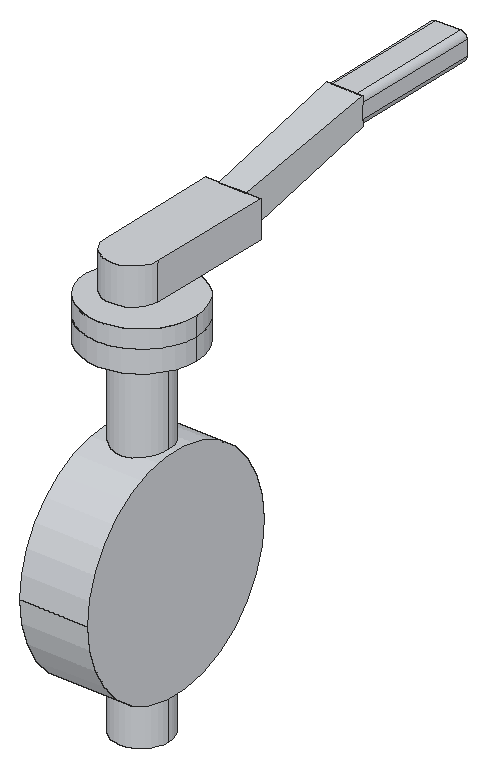
Revit family "HS497-67_disk-litina-s pákou DN125-RFA_2018", category Pipe Accessories, Revit 2018
Family settings
  Round Connector Dimension = Use Diameter
  Part Type = Valve - Breaks Into
  Work Plane-Based = No
  Always vertical = Yes
  Cut with Voids When Loaded = No
  Shared = No
Parameters (values of type "HS 497-67_DN125_PN16_s pákou")
  magiProductId = "105993c79a91492399feef7931321a"
  magiProductFamilyId = "53cea81e6f374d17b8841d9c72ad77"
  magiPartTypeId = 305
  isMeasuringValve [instance] = no
  ang2D [instance] = 0.00°
  X11 = 61.456 mm
  X1 = 25.456 mm
  W2D = 1000 mm
  VersionID = "2.0/2017.9.26.1/ZETKAMA_497_001"
  Use Minimum Symbol Size [instance] = yes
  URL = "http://www.hydronix.cz"
  Type Comments = "mezipřírubová; litinový disk; PN16; -10~+110°C (krátkodobě +120°C)"
  SW30 = no
  SW3 = no
  SW21 = no
  SW20 = yes
  SW2 = yes
  SW1 = no
  R = 62.5 mm
  QmdConnectorList = "301;D;302;D"
  Productdata [instance] = ""
  NC = 50 mm
  Model = ""
  Manufacturer = "Hydronix"  # constant formula
  MM20 = 25.456 mm
  MC Product Code = "120 125 (litinový disk, s pákou; DN125; PN16, kvs872)"
  M41 = 66 mm
  M4 = 44 mm
  LHL = 315 mm
  LHH3 = 3.75 mm
  LHH1 = 71.25 mm
  LH1 = 105 mm
  L4R__ve = -L4R  # -12.8 mm
  L4R = 12.8 mm
  L42__ve = -L42  # -96 mm
  L42 = 96 mm
  L41__ve = -L41  # -19.2 mm
  L41 = 19.2 mm
  L2D_Min = 3048 mm
  L2D = 216 mm
  L2 = 28 mm
  L1 = 44.8 mm
  L = 56 mm
  H = 33 mm
  G22 = 11.25 mm
  G2 = 22.5 mm
  G1 = 90 mm
  G = 90 mm
  F = 14 mm
  E44 = 31.25 mm
  E42 = 62.5 mm
  E4 = 125 mm
  E23 = 7.5 mm
  E22 = 30 mm
  E21 = 15 mm
  Description = "Mezipřírubová uzavírací klapka s pákou; litinový disk, DN125; PN16; kvs872"
  DR2 = 62.5 mm
  DR = 180 mm
  DD1 = 15.625 mm
  DD = 12.5 mm
  D = 125 mm
  CAT0 = yes
  B2__ve = -B2  # -64 mm
  B2 = 64 mm
  A2 = 18 mm
  A1 = 99.5 mm
Types (43, lengths in mm): name | magiProductId | X11 | X1 | Type Comments | SW30 | SW3 | SW20 | SW2 | SW1 | R | NC | MM20 | MC Product Code | M41 | M4 | LHL | LHH3 | LHH1 | LH1 | L4R__ve | L4R | L42__ve | L42 | L41__ve | L41 | L2 | L1 | L | H | G | F | E44 | E42 | E4 | E23 | E22 | E21 | Description | DR2 | DR | DD1 | DD | D | B2__ve | B2 | A2 | A1
  HS 497-67_DN100_PN16_volné vřeteno | "65d1b245f4f142c78569c0602d5754" | 61.456 | 25.456 | "mezipřírubová; litinový disk; PN16; -10~+110°C (krátkodobě +120°C)" | no | no | no | no | yes | 50 | 50 | 25.456 | "123 100 (litinový disk, s volným vřetenem; DN100; PN16, kvs512)" | 66 | 44 | 220 | 2.45 | 46.55 | 73.333 | -12.8 | 12.8 | -96 | 96 | -19.2 | 19.2 | 26 | 41.6 | 52 | 30 | 90 | 11 | 31.25 | 62.5 | 125 | 4.9 | 19.6 | 9.8 | "Mezipřírubová uzavírací klapka s volným vřetenem; litinový disk, DN100; PN16; kvs512" | 50 | 147 | 15.625 | 12.5 | 100 | -56 | 56 | 16.5 | 98.5
  HS 497-67_DN100_PN16_převodové kolo | "11e91b807e674d428c8e796fcdcfe2" | 61.456 | 25.456 | "mezipřírubová; litinový disk; PN16; -10~+110°C (krátkodobě +120°C)" | yes | yes | no | no | no | 50 | 50 | 25.456 | "125 100 (litinový disk, s převodovým kolem; DN100; PN16, kvs512)" | 65.25 | 43.5 | 220 | 2.45 | 46.55 | 73.333 | -12.8 | 12.8 | -96 | 96 | -19.2 | 19.2 | 26 | 41.6 | 52 | 30 | 90 | 11 | 31.25 | 62.5 | 125 | 4.9 | 19.6 | 9.8 | "Mezipřírubová uzavírací klapka s převodovým kolem; litinový disk, DN100; PN16; kvs512" | 50 | 147 | 15.625 | 12.5 | 100 | -56 | 56 | 16.5 | 98.5
  HS 497-67_DN100_PN16_s pákou | "28172f0b3f4b47b28323ac71cf8749" | 61.456 | 25.456 | "mezipřírubová; litinový disk; PN16; -10~+110°C (krátkodobě +120°C)" | no | no | yes | yes | no | 50 | 50 | 25.456 | "120 100 (litinový disk, s pákou; DN100; PN16, kvs512)" | 66 | 44 | 260 | 3 | 57 | 86.667 | -12.8 | 12.8 | -96 | 96 | -19.2 | 19.2 | 26 | 41.6 | 52 | 30 | 90 | 11 | 31.25 | 62.5 | 125 | 6 | 24 | 12 | "Mezipřírubová uzavírací klapka s pákou; litinový disk, DN100; PN16; kvs512" | 50 | 147 | 15.625 | 12.5 | 100 | -56 | 56 | 16.5 | 98.5
  HS 497-67_DN125_PN16_volné vřeteno | "0d813d910fc14f628bb3c2efbd185c" | 61.456 | 25.456 | "mezipřírubová; litinový disk; PN16; -10~+110°C (krátkodobě +120°C)" | no | no | no | no | yes | 62.5 | 50 | 25.456 | "123 125 (litinový disk, s volným vřetenem; DN125; PN16, kvs872)" | 66 | 44 | 220 | 2.45 | 46.55 | 73.333 | -12.8 | 12.8 | -96 | 96 | -19.2 | 19.2 | 28 | 44.8 | 56 | 33 | 90 | 14 | 31.25 | 62.5 | 125 | 4.9 | 19.6 | 9.8 | "Mezipřírubová uzavírací klapka s volným vřetenem; litinový disk, DN125; PN16; kvs872" | 62.5 | 180 | 15.625 | 12.5 | 125 | -64 | 64 | 18 | 99.5
  HS 497-67_DN125_PN16_převodové kolo | "c56b7c13f372467684996fb1e0e229" | 61.456 | 25.456 | "mezipřírubová; litinový disk; PN16; -10~+110°C (krátkodobě +120°C)" | yes | yes | no | no | no | 62.5 | 50 | 25.456 | "125 125 (litinový disk, s převodovým kolem; DN125; PN16, kvs872)" | 65.25 | 43.5 | 220 | 2.45 | 46.55 | 73.333 | -13.5 | 13.5 | -101.25 | 101.25 | -20.25 | 20.25 | 28 | 44.8 | 56 | 33 | 90 | 14 | 40 | 80 | 160 | 4.9 | 19.6 | 9.8 | "Mezipřírubová uzavírací klapka s převodovým kolem; litinový disk, DN125; PN16; kvs872" | 62.5 | 180 | 20 | 16 | 125 | -64 | 64 | 18 | 99.5
  HS 497-67_DN125_PN16_s pákou | "105993c79a91492399feef7931321a" | 61.456 | 25.456 | "mezipřírubová; litinový disk; PN16; -10~+110°C (krátkodobě +120°C)" | no | no | yes | yes | no | 62.5 | 50 | 25.456 | "120 125 (litinový disk, s pákou; DN125; PN16, kvs872)" | 66 | 44 | 315 | 3.75 | 71.25 | 105 | -12.8 | 12.8 | -96 | 96 | -19.2 | 19.2 | 28 | 44.8 | 56 | 33 | 90 | 14 | 31.25 | 62.5 | 125 | 7.5 | 30 | 15 | "Mezipřírubová uzavírací klapka s pákou; litinový disk, DN125; PN16; kvs872" | 62.5 | 180 | 15.625 | 12.5 | 125 | -64 | 64 | 18 | 99.5
  HS 497-67_DN150_PN16_volné vřeteno | "50c80cb8ab434f55ab7796e5ac1331" | 61.456 | 25.456 | "mezipřírubová; litinový disk; PN16; -10~+110°C (krátkodobě +120°C)" | no | no | no | no | yes | 75 | 50 | 25.456 | "123 150 (litinový disk, s volným vřetenem; DN150; PN16, kvs1347)" | 66 | 44 | 220 | 2.45 | 46.55 | 73.333 | -12.8 | 12.8 | -96 | 96 | -19.2 | 19.2 | 28 | 44.8 | 56 | 33 | 90 | 14 | 31.25 | 62.5 | 125 | 4.9 | 19.6 | 9.8 | "Mezipřírubová uzavírací klapka s volným vřetenem; litinový disk, DN150; PN16; kvs1347" | 75 | 206 | 15.625 | 12.5 | 150 | -58 | 58 | 19.3 | 98.7
  HS 497-67_DN150_PN16_převodové kolo | "d94a1a0cf83b476eb10011b327f709" | 61.456 | 25.456 | "mezipřírubová; litinový disk; PN16; -10~+110°C (krátkodobě +120°C)" | yes | yes | no | no | no | 75 | 50 | 25.456 | "125 150 (litinový disk, s převodovým kolem; DN150; PN16, kvs1347)" | 65.25 | 43.5 | 220 | 2.45 | 46.55 | 73.333 | -13.5 | 13.5 | -101.25 | 101.25 | -20.25 | 20.25 | 28 | 44.8 | 56 | 33 | 90 | 14 | 40 | 80 | 160 | 4.9 | 19.6 | 9.8 | "Mezipřírubová uzavírací klapka s převodovým kolem; litinový disk, DN150; PN16; kvs1347" | 75 | 206 | 20 | 16 | 150 | -58 | 58 | 19.3 | 98.7
  HS 497-67_DN150_PN16_s pákou | "4d2835523fe84828bc50ff0a5a0dfb" | 61.456 | 25.456 | "mezipřírubová; litinový disk; PN16; -10~+110°C (krátkodobě +120°C)" | no | no | yes | yes | no | 75 | 50 | 25.456 | "120 150 (litinový disk, s pákou; DN150; PN16, kvs1347)" | 66 | 44 | 315 | 3.75 | 71.25 | 105 | -12.8 | 12.8 | -96 | 96 | -19.2 | 19.2 | 28 | 44.8 | 56 | 33 | 90 | 14 | 31.25 | 62.5 | 125 | 7.5 | 30 | 15 | "Mezipřírubová uzavírací klapka s pákou; litinový disk, DN150; PN16; kvs1347" | 75 | 206 | 15.625 | 12.5 | 150 | -58 | 58 | 19.3 | 98.7
  HS 497-67_DN200_PN16_volné vřeteno | "5b29029eaeba47139ee1055a4b9201" | 61.456 | 25.456 | "mezipřírubová; litinový disk; PN16; -10~+110°C (krátkodobě +120°C)" | no | no | no | no | yes | 100 | 50 | 25.456 | "123 200 (litinový disk, s volným vřetenem; DN200; PN16, kvs2675)" | 66 | 44 | 220 | 2.45 | 46.55 | 73.333 | -12.8 | 12.8 | -96 | 96 | -19.2 | 19.2 | 30 | 48 | 60 | 33 | 90 | 17 | 31.25 | 62.5 | 125 | 4.9 | 19.6 | 9.8 | "Mezipřírubová uzavírací klapka s volným vřetenem; litinový disk, DN200; PN16; kvs2675" | 100 | 257 | 15.625 | 12.5 | 200 | -70 | 70 | 22.5 | 102.5
  HS 497-67_DN200_PN16_převodové kolo | "b2793cc1fcc44cf2a35062cd67c04f" | 61.456 | 25.456 | "mezipřírubová; litinový disk; PN16; -10~+110°C (krátkodobě +120°C)" | yes | yes | no | no | no | 100 | 57 | 25.456 | "125 200 (litinový disk, s převodovým kolem; DN200; PN16, kvs2675)" | 78.75 | 52.5 | 220 | 2.45 | 46.55 | 73.333 | -15.2 | 15.2 | -114 | 114 | -22.8 | 22.8 | 30 | 48 | 60 | 33 | 90 | 17 | 50 | 100 | 200 | 4.9 | 19.6 | 9.8 | "Mezipřírubová uzavírací klapka s převodovým kolem; litinový disk, DN200; PN16; kvs2675" | 100 | 257 | 25 | 20 | 200 | -70 | 70 | 22.5 | 102.5
  HS 497-67_DN200_PN16_s pákou | "f88d96c7af224537a51e72d7d8fffe" | 61.456 | 25.456 | "mezipřírubová; litinový disk; PN16; -10~+110°C (krátkodobě +120°C)" | no | no | yes | yes | no | 100 | 50 | 25.456 | "120 200 (litinový disk, s pákou; DN200; PN16, kvs2675)" | 66 | 44 | 315 | 3.75 | 71.25 | 105 | -12.8 | 12.8 | -96 | 96 | -19.2 | 19.2 | 30 | 48 | 60 | 33 | 90 | 17 | 31.25 | 62.5 | 125 | 7.5 | 30 | 15 | "Mezipřírubová uzavírací klapka s pákou; litinový disk, DN200; PN16; kvs2675" | 100 | 257 | 15.625 | 12.5 | 200 | -70 | 70 | 22.5 | 102.5
  HS 497-67_DN250_PN16_volné vřeteno | "b662e8305ca2402b9c510e66e6aa55" | 88.77 | 36.77 | "mezipřírubová; litinový disk; PN16; -10~+110°C (krátkodobě +120°C)" | no | no | no | no | yes | 125 | 50 | 36.77 | "123 250 (litinový disk, s volným vřetenem; DN250; PN16, kvs4555)" | 66 | 44 | 220 | 2.45 | 46.55 | 73.333 | -12.8 | 12.8 | -96 | 96 | -19.2 | 19.2 | 34 | 54.4 | 68 | 23 | 130 | 22 | 31.25 | 62.5 | 125 | 4.9 | 19.6 | 9.8 | "Mezipřírubová uzavírací klapka s volným vřetenem; litinový disk, DN250; PN16; kvs4555" | 125 | 324 | 15.625 | 12.5 | 250 | -85 | 85 | 28.25 | 129.25
  HS 497-67_DN250_PN16_převodové kolo | "5ee9016806664ddfaa2632711f295c" | 88.77 | 36.77 | "mezipřírubová; litinový disk; PN16; -10~+110°C (krátkodobě +120°C)" | yes | yes | no | no | no | 125 | 70 | 36.77 | "125 250 (litinový disk, s převodovým kolem; DN250; PN16, kvs4555)" | 91.5 | 61 | 220 | 2.45 | 46.55 | 73.333 | -22.2 | 22.2 | -166.5 | 166.5 | -33.3 | 33.3 | 34 | 54.4 | 68 | 23 | 130 | 22 | 62.5 | 125 | 250 | 4.9 | 19.6 | 9.8 | "Mezipřírubová uzavírací klapka s převodovým kolem; litinový disk, DN250; PN16; kvs4555" | 125 | 324 | 31.25 | 25 | 250 | -85 | 85 | 28.25 | 129.25
  HS 497-67_DN300_PN16_volné vřeteno | "e1886f51ff004380a649519258edf2" | 88.77 | 36.77 | "mezipřírubová; litinový disk; PN16; -10~+110°C (krátkodobě +120°C)" | no | no | no | no | yes | 150 | 50 | 36.77 | "123 300 (litinový disk, s volným vřetenem; DN300; PN16, kvs7037)" | 66 | 44 | 220 | 2.45 | 46.55 | 73.333 | -12.8 | 12.8 | -96 | 96 | -19.2 | 19.2 | 39 | 62.4 | 78 | 23 | 130 | 22 | 31.25 | 62.5 | 125 | 4.9 | 19.6 | 9.8 | "Mezipřírubová uzavírací klapka s volným vřetenem; litinový disk, DN300; PN16; kvs7037" | 150 | 376 | 15.625 | 12.5 | 300 | -90 | 90 | 30.8 | 127.2
  HS 497-67_DN300_PN16_převodové kolo | "6860f094f77d42088fbebc3c97f755" | 88.77 | 36.77 | "mezipřírubová; litinový disk; PN16; -10~+110°C (krátkodobě +120°C)" | yes | yes | no | no | no | 150 | 70 | 36.77 | "125 300 (litinový disk, s převodovým kolem; DN300; PN16, kvs7037)" | 91.5 | 61 | 220 | 2.45 | 46.55 | 73.333 | -22.2 | 22.2 | -166.5 | 166.5 | -33.3 | 33.3 | 39 | 62.4 | 78 | 23 | 130 | 22 | 62.5 | 125 | 250 | 4.9 | 19.6 | 9.8 | "Mezipřírubová uzavírací klapka s převodovým kolem; litinový disk, DN300; PN16; kvs7037" | 150 | 376 | 31.25 | 25 | 300 | -90 | 90 | 30.8 | 127.2
  HS 497-67_DN032_PN16_volné vřeteno | "8c5f65de52aa4067a77564107e31b2" | 61.456 | 25.456 | "mezipřírubová; litinový disk; PN16; -10~+110°C (krátkodobě +120°C)" | no | no | no | no | yes | 16 | 50 | 25.456 | "123 032 (litinový disk, s volným vřetenem; DN32; PN16, kvs78)" | 66 | 44 | 220 | 2.45 | 46.55 | 73.333 | -12.8 | 12.8 | -96 | 96 | -19.2 | 19.2 | 16.5 | 26.4 | 33 | 30 | 90 | 11 | 31.25 | 62.5 | 125 | 4.9 | 19.6 | 9.8 | "Mezipřírubová uzavírací klapka s volným vřetenem; litinový disk, DN32; PN16; kvs78" | 16 | 68 | 15.625 | 12.5 | 32 | -44.2 | 44.2 | 10.25 | 76.25
  HS 497-67_DN032_PN16_převodové kolo | "60aaeffa8b3a4e809ef000e4660060" | 61.456 | 25.456 | "mezipřírubová; litinový disk; PN16; -10~+110°C (krátkodobě +120°C)" | yes | yes | no | no | no | 16 | 50 | 25.456 | "125 032 (litinový disk, s převodovým kolem; DN32; PN16, kvs78)" | 65.25 | 43.5 | 220 | 2.45 | 46.55 | 73.333 | -12.8 | 12.8 | -96 | 96 | -19.2 | 19.2 | 16.5 | 26.4 | 33 | 30 | 90 | 11 | 31.25 | 62.5 | 125 | 4.9 | 19.6 | 9.8 | "Mezipřírubová uzavírací klapka s převodovým kolem; litinový disk, DN32; PN16; kvs78" | 16 | 68 | 15.625 | 12.5 | 32 | -44.2 | 44.2 | 10.25 | 76.25
  HS 497-67_DN032_PN16_s pákou | "9ad8088d610749a1b871aa2aad8007" | 61.456 | 25.456 | "mezipřírubová; litinový disk; PN16; -10~+110°C (krátkodobě +120°C)" | no | no | yes | yes | no | 16 | 50 | 25.456 | "120 032 (litinový disk, s pákou; DN32; PN16, kvs78)" | 66 | 44 | 220 | 2.45 | 46.55 | 73.333 | -12.8 | 12.8 | -96 | 96 | -19.2 | 19.2 | 16.5 | 26.4 | 33 | 30 | 90 | 11 | 31.25 | 62.5 | 125 | 4.9 | 19.6 | 9.8 | "Mezipřírubová uzavírací klapka s pákou; litinový disk, DN32; PN16; kvs78" | 16 | 68 | 15.625 | 12.5 | 32 | -44.2 | 44.2 | 10.25 | 76.25
  HS 497-67_DN350_PN10_volné vřeteno | "72a1e05f22944421b7e9596a877137" | 109.255 | 45.255 | "mezipřírubová; litinový disk; PN10; -10~+110°C (krátkodobě +120°C)" | no | no | no | no | yes | 175 | 50 | 45.255 | "123 350 (litinový disk, s volným vřetenem; DN350; PN10, kvs10165)" | 66 | 44 | 220 | 2.45 | 46.55 | 73.333 | -12.8 | 12.8 | -96 | 96 | -19.2 | 19.2 | 39 | 62.4 | 78 | 31 | 160 | 22 | 31.25 | 62.5 | 125 | 4.9 | 19.6 | 9.8 | "Mezipřírubová uzavírací klapka s volným vřetenem; litinový disk, DN350; PN10; kvs10165" | 175 | 430 | 15.625 | 12.5 | 350 | -88 | 88 | 33.85 | 129.65
  HS 497-67_DN350_PN10_převodové kolo | "a5a01426cb28494ba3afca92f1dace" | 109.255 | 45.255 | "mezipřírubová; litinový disk; PN10; -10~+110°C (krátkodobě +120°C)" | yes | yes | no | no | no | 175 | 70 | 45.255 | "125 350 (litinový disk, s převodovým kolem; DN350; PN10, kvs10165)" | 91.5 | 61 | 220 | 2.45 | 46.55 | 73.333 | -22.2 | 22.2 | -166.5 | 166.5 | -33.3 | 33.3 | 39 | 62.4 | 78 | 31 | 160 | 22 | 62.5 | 125 | 250 | 4.9 | 19.6 | 9.8 | "Mezipřírubová uzavírací klapka s převodovým kolem; litinový disk, DN350; PN10; kvs10165" | 175 | 430 | 31.25 | 25 | 350 | -88 | 88 | 33.85 | 129.65
  HS 497-67_DN400_PN10_volné vřeteno | "c70ebeb927c04ab99b176e257ad0a7" | 109.255 | 45.255 | "mezipřírubová; litinový disk; PN10; -10~+110°C (krátkodobě +120°C)" | no | no | no | no | yes | 200 | 50 | 45.255 | "123 400 (litinový disk, s volným vřetenem; DN400; PN10, kvs13799)" | 66 | 44 | 220 | 2.45 | 46.55 | 73.333 | -12.8 | 12.8 | -96 | 96 | -19.2 | 19.2 | 51 | 81.6 | 102 | 31 | 160 | 27 | 31.25 | 62.5 | 125 | 4.9 | 19.6 | 9.8 | "Mezipřírubová uzavírací klapka s volným vřetenem; litinový disk, DN400; PN10; kvs13799" | 200 | 485 | 15.625 | 12.5 | 400 | -108 | 108 | 38 | 142
  HS 497-67_DN400_PN10_převodové kolo | "cc64a4384dcb41b780d81810f4f293" | 109.255 | 45.255 | "mezipřírubová; litinový disk; PN10; -10~+110°C (krátkodobě +120°C)" | yes | yes | no | no | no | 200 | 72.5 | 45.255 | "125 400 (litinový disk, s převodovým kolem; DN400; PN10, kvs13799)" | 103.5 | 69 | 220 | 2.45 | 46.55 | 73.333 | -27.8 | 27.8 | -208.5 | 208.5 | -41.7 | 41.7 | 51 | 81.6 | 102 | 31 | 160 | 27 | 75 | 150 | 300 | 4.9 | 19.6 | 9.8 | "Mezipřírubová uzavírací klapka s převodovým kolem; litinový disk, DN400; PN10; kvs13799" | 200 | 485 | 37.5 | 30 | 400 | -108 | 108 | 38 | 142
  HS 497-67_DN040_PN16_volné vřeteno | "35f92312390745e88df5b5c325d9ee" | 61.456 | 25.456 | "mezipřírubová; litinový disk; PN16; -10~+110°C (krátkodobě +120°C)" | no | no | no | no | yes | 20 | 50 | 25.456 | "123 040 (litinový disk, s volným vřetenem; DN40; PN16, kvs78)" | 66 | 44 | 220 | 2.45 | 46.55 | 73.333 | -12.8 | 12.8 | -96 | 96 | -19.2 | 19.2 | 16.5 | 26.4 | 33 | 30 | 90 | 11 | 31.25 | 62.5 | 125 | 4.9 | 19.6 | 9.8 | "Mezipřírubová uzavírací klapka s volným vřetenem; litinový disk, DN40; PN16; kvs78" | 20 | 76 | 15.625 | 12.5 | 40 | -36 | 36 | 11 | 79
  HS 497-67_DN040_PN16_převodové kolo | "d88e968eae3445bc9b7b4e6ff35127" | 61.456 | 25.456 | "mezipřírubová; litinový disk; PN16; -10~+110°C (krátkodobě +120°C)" | yes | yes | no | no | no | 20 | 50 | 25.456 | "125 040 (litinový disk, s převodovým kolem; DN40; PN16, kvs78)" | 65.25 | 43.5 | 220 | 2.45 | 46.55 | 73.333 | -12.8 | 12.8 | -96 | 96 | -19.2 | 19.2 | 16.5 | 26.4 | 33 | 30 | 90 | 11 | 31.25 | 62.5 | 125 | 4.9 | 19.6 | 9.8 | "Mezipřírubová uzavírací klapka s převodovým kolem; litinový disk, DN40; PN16; kvs78" | 20 | 76 | 15.625 | 12.5 | 40 | -36 | 36 | 11 | 79
  HS 497-67_DN040_PN16_s pákou | "c1b522ca65b4407a98818f232eaacb" | 61.456 | 25.456 | "mezipřírubová; litinový disk; PN16; -10~+110°C (krátkodobě +120°C)" | no | no | yes | yes | no | 20 | 50 | 25.456 | "120 040 (litinový disk, s pákou; DN40; PN16, kvs78)" | 66 | 44 | 220 | 2.45 | 46.55 | 73.333 | -12.8 | 12.8 | -96 | 96 | -19.2 | 19.2 | 16.5 | 26.4 | 33 | 30 | 90 | 11 | 31.25 | 62.5 | 125 | 4.9 | 19.6 | 9.8 | "Mezipřírubová uzavírací klapka s pákou; litinový disk, DN40; PN16; kvs78" | 20 | 76 | 15.625 | 12.5 | 40 | -36 | 36 | 11 | 79
  HS 497-67_DN450_PN10_volné vřeteno | "a8358bc282f14872b3194e530e590a" | 129.74 | 53.74 | "mezipřírubová; litinový disk; PN10; -10~+110°C (krátkodobě +120°C)" | no | no | no | no | yes | 225 | 50 | 53.74 | "123 450 (litinový disk, s volným vřetenem; DN450; PN10, kvs18514)" | 66 | 44 | 220 | 2.45 | 46.55 | 73.333 | -12.8 | 12.8 | -96 | 96 | -19.2 | 19.2 | 57 | 91.2 | 114 | 38 | 190 | 36 | 31.25 | 62.5 | 125 | 4.9 | 19.6 | 9.8 | "Mezipřírubová uzavírací klapka s volným vřetenem; litinový disk, DN450; PN10; kvs18514" | 225 | 536 | 15.625 | 12.5 | 450 | -115 | 115 | 38.05 | 117.45
  HS 497-67_DN450_PN10_převodové kolo | "cdf2d80f54a9414f9cbe50647c0ebd" | 129.74 | 53.74 | "mezipřírubová; litinový disk; PN10; -10~+110°C (krátkodobě +120°C)" | yes | yes | no | no | no | 225 | 91.5 | 53.74 | "125 450 (litinový disk, s převodovým kolem; DN450; PN10, kvs18514)" | 144.75 | 96.5 | 220 | 2.45 | 46.55 | 73.333 | -32.1 | 32.1 | -240.75 | 240.75 | -48.15 | 48.15 | 57 | 91.2 | 114 | 38 | 190 | 36 | 100 | 200 | 400 | 4.9 | 19.6 | 9.8 | "Mezipřírubová uzavírací klapka s převodovým kolem; litinový disk, DN450; PN10; kvs18514" | 225 | 536 | 50 | 40 | 450 | -115 | 115 | 38.05 | 117.45
  HS 497-67_DN500_PN10_volné vřeteno | "8c396e27bb2743f98f3c762b6517cd" | 143.397 | 59.397 | "mezipřírubová; litinový disk; PN10; -10~+110°C (krátkodobě +120°C)" | no | no | no | no | yes | 250 | 50 | 59.397 | "123 500 (litinový disk, s volným vřetenem; DN500; PN10, kvs23805)" | 66 | 44 | 220 | 2.45 | 46.55 | 73.333 | -12.8 | 12.8 | -96 | 96 | -19.2 | 19.2 | 63.5 | 101.6 | 127 | 38 | 210 | 36 | 31.25 | 62.5 | 125 | 4.9 | 19.6 | 9.8 | "Mezipřírubová uzavírací klapka s volným vřetenem; litinový disk, DN500; PN10; kvs23805" | 250 | 593 | 15.625 | 12.5 | 500 | -130 | 130 | 43.25 | 139.25
  HS 497-67_DN500_PN10_převodové kolo | "7647804f32e94cef828a7034a91a46" | 143.397 | 59.397 | "mezipřírubová; litinový disk; PN10; -10~+110°C (krátkodobě +120°C)" | yes | yes | no | no | no | 250 | 91.5 | 59.397 | "125 500 (litinový disk, s převodovým kolem; DN500; PN10, kvs23805)" | 144.75 | 96.5 | 220 | 2.45 | 46.55 | 73.333 | -32.1 | 32.1 | -240.75 | 240.75 | -48.15 | 48.15 | 63.5 | 101.6 | 127 | 38 | 210 | 36 | 100 | 200 | 400 | 4.9 | 19.6 | 9.8 | "Mezipřírubová uzavírací klapka s převodovým kolem; litinový disk, DN500; PN10; kvs23805" | 250 | 593 | 50 | 40 | 500 | -130 | 130 | 43.25 | 139.25
  HS 497-67_DN050_PN16_volné vřeteno | "d71f296ecd6d4adf8f6e5d9853b4e0" | 61.456 | 25.456 | "mezipřírubová; litinový disk; PN16; -10~+110°C (krátkodobě +120°C)" | no | no | no | no | yes | 25 | 50 | 25.456 | "123 050 (litinový disk, s volným vřetenem; DN50; PN16, kvs98)" | 66 | 44 | 220 | 2.45 | 46.55 | 73.333 | -12.8 | 12.8 | -96 | 96 | -19.2 | 19.2 | 21.5 | 34.4 | 43 | 30 | 90 | 11 | 31.25 | 62.5 | 125 | 4.9 | 19.6 | 9.8 | "Mezipřírubová uzavírací klapka s volným vřetenem; litinový disk, DN50; PN16; kvs98" | 25 | 100 | 15.625 | 12.5 | 50 | -36.5 | 36.5 | 12 | 83
  HS 497-67_DN050_PN16_převodové kolo | "2fb080deeaed49c58418b94c1da5a4" | 61.456 | 25.456 | "mezipřírubová; litinový disk; PN16; -10~+110°C (krátkodobě +120°C)" | yes | yes | no | no | no | 25 | 50 | 25.456 | "125 050 (litinový disk, s převodovým kolem; DN50; PN16, kvs98)" | 65.25 | 43.5 | 220 | 2.45 | 46.55 | 73.333 | -12.8 | 12.8 | -96 | 96 | -19.2 | 19.2 | 21.5 | 34.4 | 43 | 30 | 90 | 11 | 31.25 | 62.5 | 125 | 4.9 | 19.6 | 9.8 | "Mezipřírubová uzavírací klapka s převodovým kolem; litinový disk, DN50; PN16; kvs98" | 25 | 100 | 15.625 | 12.5 | 50 | -36.5 | 36.5 | 12 | 83
  HS 497-67_DN050_PN16_s pákou | "dabc632061f94877a994b9b4e68112" | 61.456 | 25.456 | "mezipřírubová; litinový disk; PN16; -10~+110°C (krátkodobě +120°C)" | no | no | yes | yes | no | 25 | 50 | 25.456 | "120 050 (litinový disk, s pákou; DN50; PN16, kvs98)" | 66 | 44 | 220 | 2.45 | 46.55 | 73.333 | -12.8 | 12.8 | -96 | 96 | -19.2 | 19.2 | 21.5 | 34.4 | 43 | 30 | 90 | 11 | 31.25 | 62.5 | 125 | 4.9 | 19.6 | 9.8 | "Mezipřírubová uzavírací klapka s pákou; litinový disk, DN50; PN16; kvs98" | 25 | 100 | 15.625 | 12.5 | 50 | -36.5 | 36.5 | 12 | 83
  HS 497-67_DN600_PN10_volné vřeteno | "99d5892c14664fce81a7c5903f7711" | 143.397 | 59.397 | "mezipřírubová; litinový disk; PN10; -10~+110°C (krátkodobě +120°C)" | no | no | no | no | yes | 300 | 50 | 59.397 | "123 600 (litinový disk, s volným vřetenem; DN600; PN10, kvs36778)" | 66 | 44 | 220 | 2.45 | 46.55 | 73.333 | -12.8 | 12.8 | -96 | 96 | -19.2 | 19.2 | 77 | 123.2 | 154 | 80 | 210 | 60 | 31.25 | 62.5 | 125 | 4.9 | 19.6 | 9.8 | "Mezipřírubová uzavírací klapka s volným vřetenem; litinový disk, DN600; PN10; kvs36788" | 300 | 690 | 15.625 | 12.5 | 600 | -140 | 140 | 49.4 | 144.6
  HS 497-67_DN600_PN10_převodové kolo | "b1e26faab48a4c499f6bb11e7e3002" | 143.397 | 59.397 | "mezipřírubová; litinový disk; PN10; -10~+110°C (krátkodobě +120°C)" | yes | yes | no | no | no | 300 | 140 | 59.397 | "125 600 (litinový disk, s převodovým kolem; DN600; PN10, kvs36778)" | 206.25 | 137.5 | 220 | 2.45 | 46.55 | 73.333 | -40.8 | 40.8 | -306 | 306 | -61.2 | 61.2 | 77 | 123.2 | 154 | 80 | 210 | 60 | 125 | 250 | 500 | 4.9 | 19.6 | 9.8 | "Mezipřírubová uzavírací klapka s převodovým kolem; litinový disk, DN600; PN10; kvs36788" | 300 | 690 | 62.5 | 50 | 600 | -140 | 140 | 49.4 | 144.6
  HS 497-67_DN065_PN16_volné vřeteno | "5e5e208646e34ec29f889baab5d08e" | 61.456 | 25.456 | "mezipřírubová; litinový disk; PN16; -10~+110°C (krátkodobě +120°C)" | no | no | no | no | yes | 32.5 | 50 | 25.456 | "123 065 (litinový disk, s volným vřetenem; DN65; PN16, kvs167)" | 66 | 44 | 220 | 2.45 | 46.55 | 73.333 | -12.8 | 12.8 | -96 | 96 | -19.2 | 19.2 | 23 | 36.8 | 46 | 30 | 90 | 11 | 31.25 | 62.5 | 125 | 4.9 | 19.6 | 9.8 | "Mezipřírubová uzavírací klapka s volným vřetenem; litinový disk, DN65; PN16; kv167" | 32.5 | 108 | 15.625 | 12.5 | 65 | -36.5 | 36.5 | 13.5 | 89
  HS 497-67_DN065_PN16_převodové kolo | "654d74c8d15540b0bfe523d988ccb3" | 61.456 | 25.456 | "mezipřírubová; litinový disk; PN16; -10~+110°C (krátkodobě +120°C)" | yes | yes | no | no | no | 32.5 | 50 | 25.456 | "125 065 (litinový disk, s převodovým kolem; DN65; PN16, kvs167)" | 65.25 | 43.5 | 220 | 2.45 | 46.55 | 73.333 | -12.8 | 12.8 | -96 | 96 | -19.2 | 19.2 | 23 | 36.8 | 46 | 30 | 90 | 11 | 31.25 | 62.5 | 125 | 4.9 | 19.6 | 9.8 | "Mezipřírubová uzavírací klapka s převodovým kolem; litinový disk, DN65; PN16; kvs167" | 32.5 | 108 | 15.625 | 12.5 | 65 | -36.5 | 36.5 | 13.5 | 89
  HS 497-67_DN065_PN16_s pákou | "ebeb4b59db0641caaf6d6635ab37b9" | 61.456 | 25.456 | "mezipřírubová; litinový disk; PN16; -10~+110°C (krátkodobě +120°C)" | no | no | yes | yes | no | 32.5 | 50 | 25.456 | "120 065 (litinový disk, s pákou; DN65; PN16, kvs167)" | 66 | 44 | 220 | 2.45 | 46.55 | 73.333 | -12.8 | 12.8 | -96 | 96 | -19.2 | 19.2 | 23 | 36.8 | 46 | 30 | 90 | 11 | 31.25 | 62.5 | 125 | 4.9 | 19.6 | 9.8 | "Mezipřírubová uzavírací klapka s pákou; litinový disk, DN65; PN16; kvs167" | 32.5 | 108 | 15.625 | 12.5 | 65 | -36.5 | 36.5 | 13.5 | 89
  HS 497-67_DN080_PN16_volné vřeteno | "9e85c75c18654e1185a9c48ed6b00e" | 61.456 | 25.456 | "mezipřírubová; litinový disk; PN16; -10~+110°C (krátkodobě +120°C)" | no | no | no | no | yes | 40 | 50 | 25.456 | "123 080 (litinový disk, s volným vřetenem; DN80; PN16, kvs258)" | 66 | 44 | 220 | 2.45 | 46.55 | 73.333 | -12.8 | 12.8 | -96 | 96 | -19.2 | 19.2 | 23 | 36.8 | 46 | 30 | 90 | 11 | 31.25 | 62.5 | 125 | 4.9 | 19.6 | 9.8 | "Mezipřírubová uzavírací klapka s volným vřetenem; litinový disk, DN80; PN16; kvs258" | 40 | 124 | 15.625 | 12.5 | 80 | -54 | 54 | 14.1 | 86.9
  HS 497-67_DN080_PN16_převodové kolo | "5b3c8238c3d041e68c75b199e7ea46" | 61.456 | 25.456 | "mezipřírubová; litinový disk; PN16; -10~+110°C (krátkodobě +120°C)" | yes | yes | no | no | no | 40 | 50 | 25.456 | "125 080 (litinový disk, s převodovým kolem; DN80; PN16, kvs258)" | 65.25 | 43.5 | 220 | 2.45 | 46.55 | 73.333 | -12.8 | 12.8 | -96 | 96 | -19.2 | 19.2 | 23 | 36.8 | 46 | 30 | 90 | 11 | 31.25 | 62.5 | 125 | 4.9 | 19.6 | 9.8 | "Mezipřírubová uzavírací klapka s převodovým kolem; litinový disk, DN80; PN16; kvs258" | 40 | 124 | 15.625 | 12.5 | 80 | -54 | 54 | 14.1 | 86.9
  HS 497-67_DN080_PN16_s pákou | "e414795fab0f4eccb99bc3572c5477" | 61.456 | 25.456 | "mezipřírubová; litinový disk; PN16; -10~+110°C (krátkodobě +120°C)" | no | no | yes | yes | no | 40 | 50 | 25.456 | "120 080 (litinový disk, s pákou; DN80; PN16, kvs258)" | 66 | 44 | 260 | 3 | 57 | 86.667 | -12.8 | 12.8 | -96 | 96 | -19.2 | 19.2 | 23 | 36.8 | 46 | 30 | 90 | 11 | 31.25 | 62.5 | 125 | 6 | 24 | 12 | "Mezipřírubová uzavírací klapka s pákou; litinový disk, DN80; PN16; kvs258" | 40 | 124 | 15.625 | 12.5 | 80 | -54 | 54 | 14.1 | 86.9
  HS 497-67_DN250_PN16_s pákou | "" | 88.77 | 36.77 | "mezipřírubová; litinový disk; PN16; -10~+110°C (krátkodobě +120°C)" | no | no | yes | yes | no | 125 | 70 | 36.77 | "120 250 (litinový disk, s pákou; DN250; PN16, kvs4555)" | 91.5 | 61 | 220 | 2.45 | 46.55 | 73.333 | -22.2 | 22.2 | -166.5 | 166.5 | -33.3 | 33.3 | 34 | 54.4 | 68 | 23 | 130 | 22 | 62.5 | 125 | 250 | 4.9 | 19.6 | 9.8 | "Mezipřírubová uzavírací klapka s pákou; litinový disk, DN250; PN16; kvs4555" | 125 | 324 | 31.25 | 25 | 250 | -85 | 85 | 28.25 | 129.25
  HS 497-67_DN300_PN16_s pákou | "" | 88.77 | 36.77 | "mezipřírubová; litinový disk; PN16; -10~+110°C (krátkodobě +120°C)" | no | no | yes | yes | no | 150 | 70 | 36.77 | "120 300 (litinový disk, s pákou; DN300; PN16, kvs7037)" | 91.5 | 61 | 220 | 2.45 | 46.55 | 73.333 | -22.2 | 22.2 | -166.5 | 166.5 | -33.3 | 33.3 | 39 | 62.4 | 78 | 23 | 130 | 22 | 62.5 | 125 | 250 | 4.9 | 19.6 | 9.8 | "Mezipřírubová uzavírací klapka s pákou; litinový disk, DN300; PN16; kvs7037" | 150 | 376 | 31.25 | 25 | 300 | -90 | 90 | 30.8 | 127.2
Reference planes
  plane 1 "Center (Front/Back)": y = 0
  plane 2 "XYPLANE": z = 0
  plane 3 "Center (Left/Right)": x = 0
  plane 4 "473": x = -25.456
  plane 5 "472": x = -66
  plane 6 "471": y = -25.456
  plane 7 "470": y = 25.456
  plane 8 "469": x = -44
  plane 9 "468": y = -115.2
  plane 10 "467": y = -96
  plane 11 "466": z = 211.25
  plane 12 "465": z = 251.25
  plane 13 "464": y = 208.75
  plane 14 "463": z = 236.25
  plane 15 "462": z = 210
  plane 16 "461": z = 225
  plane 17 "460": y = 103.75
  plane 18 "459": x = -11.25
  plane 19 "458": x = 11.25
  plane 20 "457": y = -6.25
  plane 21 "456": x = -17.5
  plane 22 "455": x = 17.5
  plane 23 "454": z = 232.5
  plane 24 "453": y = 93.75
  plane 25 "452": y = -11.25
  plane 26 "451": x = -22.5
  plane 27 "450": x = 22.5
  plane 28 "449": z = 202.5
  plane 29 "448": z = 195
  plane 30 "447": z = -62.5
  plane 31 "446": z = 180
  plane 32 "445": z = 162
  plane 33 "444": z = 62.5
  plane 34 "443": x = 28
  plane 35 "442": x = -28
  plane 36 "441": z = 0
  plane 37 "440": y = 0
  plane 38 "439": x = 0
  plane 39 "438": z = 255
  plane 40 "437": z = 232.5
  plane 41 "436": x = 15
  plane 42 "435": x = -15
  plane 43 "434": y = 315
Forms (mm)
  Extrusion 1, solid, visible <- "SW3"
    sketch origin (-750, 0, 180) x (1, 0, 0) y (0, 1, 0)
      loop
        line (684, 25.456) -> (684, -25.456) -> (724.544, -25.456)
        arc (724.544, -25.456) -> (786, 0) -> (724.544, 25.456) r 36
        line (724.544, 25.456) -> (684, 25.456)
    from 0 to 62.5 <- "E42"
  Extrusion 2, solid, visible <- "SW30"
    sketch origin (0, -750, 0) x (0, 1, 0) y (0, 0, 1)
      loop
        circle (750, 211.25) r 7.813
    from 0 to 50 <- "NC"
  Extrusion 3, solid, visible <- "SW30"
    sketch origin (750, -115.2, 0) x (-1, 0, 0) y (0, 0, 1)
      loop
        circle (794, 211.25) r 62.5
    from 0 to -12.8 <- "L4R__ve"
  Extrusion 4, solid, visible <- "SW3"
    sketch origin (750, -96, 0) x (-1, 0, 0) y (0, 0, 1)
      loop
        circle (794, 211.25) r 7.813
    from 0 to -19.2 <- "L41__ve"
  Extrusion 5, solid, visible <- "SW30"
    sketch origin (750, 0, 0) x (-1, 0, 0) y (0, 0, 1)
      loop
        circle (794, 211.25) r 6.25
    from 0 to -96 <- "L42__ve"
  Blend 6, solid, visible <- "SW21"
    base sketch origin (750, 103.75, 0) x (-1, 0, 0) y (0, 0, 1)
      loop
        line (761.25, 225) -> (738.75, 225) -> (738.75, 210) -> (761.25, 210) -> (761.25, 225)
    top sketch origin (750, 103.75, 0) x (-1, 0, 0) y (0, 0, 1)
      loop
        line (761.25, 251.25) -> (738.75, 251.25) -> (738.75, 236.25) -> (761.25, 236.25) -> (761.25, 251.25)
    from 0 to 105
  Blend 7, solid, visible <- "SW21"
    base sketch origin (750, 93.75, 0) x (-1, 0, 0) y (0, 0, 1)
      loop
        line (761.25, 232.5) -> (738.75, 232.5) -> (738.75, 202.5) -> (761.25, 202.5) -> (761.25, 232.5)
    top sketch origin (750, 93.75, 0) x (-1, 0, 0) y (0, 0, 1)
      loop
        line (761.25, 225) -> (738.75, 225) -> (738.75, 210) -> (761.25, 210) -> (761.25, 225)
    from 0 to 10
  Blend 8, solid, visible <- "SW21"
    base sketch origin (-750, 0, 202.5) x (1, 0, 0) y (0, 1, 0)
      loop
        line (772.5, 93.75) -> (727.5, 93.75) -> (727.5, -11.25)
        arc (727.5, -11.25) -> (750, -31.25) -> (772.5, -11.25) r 22.656
        line (772.5, -11.25) -> (772.5, 93.75)
    top sketch origin (-750, 0, 202.5) x (1, 0, 0) y (0, 1, 0)
      loop
        line (767.5, 93.75) -> (732.5, 93.75) -> (732.5, -6.25)
        arc (732.5, -6.25) -> (750, -26.25) -> (767.5, -6.25) r 17.656
        line (767.5, -6.25) -> (767.5, 93.75)
    from 0 to 30
  Extrusion 9, solid, visible <- "SW2"
    sketch origin (-750, 0, 195) x (1, 0, 0) y (0, 1, 0)
      loop
        circle (750, 0) r 11.25
    from 0 to 7.5 <- "E23"
  Extrusion 10, solid, visible <- "SW2"
    sketch origin (-750, 0, 180) x (1, 0, 0) y (0, 1, 0)
      loop
        circle (750, 0) r 45
    from 0 to 15 <- "E21"
  Extrusion 11, solid, visible <- "CAT0"
    sketch origin (-750, 0, -62.5) x (1, 0, 0) y (0, 1, 0)
      loop
        circle (750, 0) r 22.4
    from 0 to -64 <- "B2__ve"
  Extrusion 12, solid, visible <- "CAT0"
    sketch origin (-750, 0, 162) x (1, 0, 0) y (0, 1, 0)
      loop
        circle (750, 0) r 45
    from 0 to 18 <- "A2"
  Extrusion 13, solid, visible <- "CAT0"
    sketch origin (-750, 0, 62.5) x (1, 0, 0) y (0, 1, 0)
      loop
        circle (750, 0) r 22.4
    from 0 to 99.5 <- "A1"
  Extrusion 14, solid, visible <- "CAT0"
    sketch origin (-28, -750, 0) x (0, 1, 0) y (0, 0, 1)
      loop
        circle (750, 0) r 90
    from 0 to 56 <- "L"
  Extrusion 15, solid, visible <- "SW1"
    sketch origin (-750, 0, 180) x (1, 0, 0) y (0, 1, 0)
      loop
        line (757, 7) -> (743, 7) -> (743, -7) -> (757, -7) -> (757, 7)
    from 0 to 33 <- "H"
  Blend 16, solid, visible <- "SW2"
    base sketch origin (750, 208.75, 0) x (-1, 0, 0) y (0, 0, 1)
      loop
        arc (765, 250) -> (763.536, 253.536) -> (760, 255) r 5
        line (760, 255) -> (740, 255)
        arc (740, 255) -> (736.464, 253.536) -> (735, 250) r 5
        line (735, 250) -> (735, 237.5)
        arc (735, 237.5) -> (736.464, 233.964) -> (740, 232.5) r 5
        line (740, 232.5) -> (760, 232.5)
        arc (760, 232.5) -> (763.536, 233.964) -> (765, 237.5) r 5
        line (765, 237.5) -> (765, 250)
    top sketch origin (750, 208.75, 0) x (-1, 0, 0) y (0, 0, 1)
      loop
        arc (765, 250) -> (763.536, 253.536) -> (760, 255) r 5
        line (760, 255) -> (740, 255)
        arc (740, 255) -> (736.464, 253.536) -> (735, 250) r 5
        line (735, 250) -> (735, 237.5)
        arc (735, 237.5) -> (736.464, 233.964) -> (740, 232.5) r 5
        line (740, 232.5) -> (760, 232.5)
        arc (760, 232.5) -> (763.536, 233.964) -> (765, 237.5) r 5
        line (765, 237.5) -> (765, 250)
    from 0 to 106.25
  Blend 17, solid, visible <- "SW20"
    base sketch origin (750, 208.75, 0) x (-1, 0, 0) y (0, 0, 1)
      loop
        line (765, 255) -> (735, 255) -> (735, 232.5) -> (765, 232.5) -> (765, 255)
    top sketch origin (750, 208.75, 0) x (-1, 0, 0) y (0, 0, 1)
      loop
        line (761.25, 232.5) -> (738.75, 232.5) -> (738.75, 202.5) -> (761.25, 202.5) -> (761.25, 232.5)
    from 0 to -115
  Extrusion 18, solid, visible <- "SW20"
    sketch origin (-750, 0, 202.5) x (1, 0, 0) y (0, 1, 0)
      loop
        line (772.5, 93.75) -> (727.5, 93.75) -> (727.5, -11.25)
        arc (727.5, -11.25) -> (750, -31.25) -> (772.5, -11.25) r 22.656
        line (772.5, -11.25) -> (772.5, 93.75)
    from 0 to 30 <- "E22"
  Extrusion 19, solid, not visible
    sketch origin (-28, -750, 0) x (0, 1, 0) y (0, 0, 1)
      loop
        circle (750, 0) r 10
    from 0 to 10
  Extrusion 20, solid, not visible
    sketch origin (28, -750, 0) x (0, 1, 0) y (0, 0, 1)
      loop
        circle (750, 0) r 10
    from 0 to -10
Lines and regions (mm)
  reference lines, not visible
    curve 1: circle (2, 2, 0) r 1 normal (0, 0, 1)
  reference lines
    curve 2: line (-25.456, -25.456, 180) -> (-25.456, 25.456, 180)
    curve 3: line (-17.5, -6.25, 202.5) -> (17.5, -6.25, 202.5)
    curve 4: line (-22.5, -11.25, 202.5) -> (22.5, -11.25, 202.5)
    curve 5: circle (0, 0, 180) r 1 normal (0, 0, 1)
    curve 6: line (-22.5, -11.25, 202.5) -> (22.5, -11.25, 202.5)
Dimensions and locks
  plane 1 "Center (Front/Back)" to curve 1 = 2 mm
  "X1": plane 3 "Center (Left/Right)" to plane 4 "473"
  "M41": plane 3 "Center (Left/Right)" to plane 5 "472"
  "MM20": plane 1 "Center (Front/Back)" to plane 6 "471"
  "MM20": plane 1 "Center (Front/Back)" to plane 7 "470"
  "M4": plane 3 "Center (Left/Right)" to plane 8 "469"
  "L41": plane 10 "467" to plane 9 "468"
  "L42": plane 1 "Center (Front/Back)" to plane 10 "467"
  "E44": plane 31 "446" to plane 11 "466"
  "LHH1": plane 31 "446" to plane 12 "465"
  "LH1": plane 17 "460" to plane 13 "464"
  "E21": plane 12 "465" to plane 14 "463"
  "E21": plane 16 "461" to plane 15 "462"
  "E23": plane 23 "454" to plane 16 "461"
  locked: plane 24 "453" to plane 17 "460" at 10
  "G22": plane 3 "Center (Left/Right)" to plane 18 "459"
  "G22": plane 3 "Center (Left/Right)" to plane 19 "458"
  locked: plane 25 "452" to plane 20 "457" at 5
  locked: plane 26 "451" to plane 21 "456" at 5
  locked: plane 27 "450" to plane 22 "455" at 5
  "E22": plane 28 "449" to plane 23 "454"
  "LH1": plane 25 "452" to plane 24 "453"
  "G22": plane 1 "Center (Front/Back)" to plane 25 "452"
  "G2": plane 3 "Center (Left/Right)" to plane 26 "451"
  "G2": plane 3 "Center (Left/Right)" to plane 27 "450"
  "E23": plane 29 "448" to plane 28 "449"
  "E21": plane 31 "446" to plane 29 "448"
  "R": plane 2 "XYPLANE" to plane 30 "447"
  "A2": plane 32 "445" to plane 31 "446"
  "A1": plane 33 "444" to plane 32 "445"
  "DR2": plane 2 "XYPLANE" to plane 33 "444"
  "L2": plane 3 "Center (Left/Right)" to plane 34 "443"
  "L2": plane 3 "Center (Left/Right)" to plane 35 "442"
  locked: plane 2 "XYPLANE" to plane 36 "441"
  locked: plane 1 "Center (Front/Back)" to plane 37 "440"
  locked: plane 3 "Center (Left/Right)" to plane 38 "439"
  "LHH3": plane 12 "465" to plane 39 "438"
  "LHH3": plane 14 "463" to plane 40 "437"
  "LHH3": plane 19 "458" to plane 41 "436"
  "LHH3": plane 18 "459" to plane 42 "435"
  "LHL": plane 1 "Center (Front/Back)" to plane 43 "434"
  "X11": curve 2 to Extrusion 1 sketch curve
  Extrusion 1 sketch curve to Extrusion 1 sketch curve = 0 mm  (x8)
  Blend 6 sketch curve to Blend 6 sketch curve = 0 mm  (x16)
  Blend 7 sketch curve to Blend 7 sketch curve = 0 mm  (x16)
  Blend 8 sketch curve to Blend 8 sketch curve = 0 mm  (x16)
  equal spacing: Extrusion 15 sketch curve, curve 5, Extrusion 15 sketch curve  (x2)
  "F": Extrusion 15 sketch curve to Extrusion 15 sketch curve  (x2)
  Blend 16 sketch curve to Blend 16 sketch curve = 0 mm  (x32)
  Blend 17 sketch curve to Blend 17 sketch curve = 0 mm  (x16)
  Extrusion 18 sketch curve to Extrusion 18 sketch curve = 0 mm  (x8)
  "DD1": diameter of Extrusion 2 sketch curve
  "E4": diameter of Extrusion 3 sketch curve
  "DD1": diameter of Extrusion 4 sketch curve
  "DD": diameter of Extrusion 5 sketch curve
  "G2": diameter of Extrusion 9 sketch curve
  "G1": diameter of Extrusion 10 sketch curve
  "L1": diameter of Extrusion 11 sketch curve
  "G": diameter of Extrusion 12 sketch curve
  "L1": diameter of Extrusion 13 sketch curve
  "DR": diameter of Extrusion 14 sketch curve
  radius of Blend 16 sketch curve = 5 mm  (x8)
  aligned and locked: level to plane 2 "XYPLANE"
  aligned and locked: Extrusion 1 sketch curve to plane 5 "472"
  aligned and locked: plane 7 "470" to Extrusion 1 sketch curve
  aligned and locked: plane 6 "471" to Extrusion 1 sketch curve
  aligned and locked: plane 5 "472" to Extrusion 1 sketch curve
  aligned and locked: plane 4 "473" to Extrusion 1 sketch curve  (x2)
  aligned and locked: plane 4 "473" to curve 2
  aligned and locked: plane 6 "471" to curve 2
  aligned and locked: plane 7 "470" to curve 2
  aligned and locked: Extrusion 1 sketch curve to plane 7 "470"
  aligned and locked: plane 11 "466" to Extrusion 2 sketch curve
  aligned and locked: plane 37 "440" to Extrusion 2 sketch curve
  aligned and locked: plane 8 "469" to Extrusion 3 sketch curve
  aligned and locked: plane 11 "466" to Extrusion 3 sketch curve
  aligned and locked: plane 8 "469" to Extrusion 4 sketch curve
  aligned and locked: plane 11 "466" to Extrusion 4 sketch curve
  aligned and locked: plane 8 "469" to Extrusion 5 sketch curve
  aligned and locked: plane 11 "466" to Extrusion 5 sketch curve
  aligned and locked: plane 12 "465" to Blend 6 sketch curve  (x2)
  aligned and locked: plane 18 "459" to Blend 6 sketch curve  (x4)
  aligned and locked: plane 19 "458" to Blend 6 sketch curve  (x4)
  aligned and locked: plane 14 "463" to Blend 6 sketch curve  (x2)
  aligned and locked: plane 16 "461" to Blend 6 sketch curve  (x2)
  aligned and locked: plane 15 "462" to Blend 6 sketch curve  (x2)
  aligned and locked: plane 13 "464" to Blend 6
  aligned and locked: plane 16 "461" to Blend 7 sketch curve  (x2)
  aligned and locked: plane 18 "459" to Blend 7 sketch curve  (x4)
  aligned and locked: plane 19 "458" to Blend 7 sketch curve  (x4)
  aligned and locked: plane 15 "462" to Blend 7 sketch curve  (x2)
  aligned and locked: plane 23 "454" to Blend 7 sketch curve  (x2)
  aligned and locked: plane 28 "449" to Blend 7 sketch curve  (x2)
  aligned and locked: plane 17 "460" to Blend 7
  aligned and locked: plane 24 "453" to Blend 8 sketch curve  (x4)
  aligned and locked: plane 22 "455" to Blend 8 sketch curve  (x2)
  aligned and locked: plane 21 "456" to Blend 8 sketch curve
  aligned and locked: plane 20 "457" to Blend 8 sketch curve  (x2)
  aligned and locked: curve 3 to plane 20 "457"
  aligned and locked: plane 21 "456" to curve 3
  aligned and locked: plane 22 "455" to curve 3
  aligned and locked: plane 27 "450" to Blend 8 sketch curve  (x2)
  aligned and locked: plane 26 "451" to Blend 8 sketch curve
  aligned and locked: plane 25 "452" to Blend 8 sketch curve  (x2)
  aligned and locked: curve 4 to plane 25 "452"
  aligned and locked: plane 26 "451" to curve 4
  aligned and locked: plane 27 "450" to curve 4
  aligned and locked: plane 23 "454" to Blend 8
  aligned and locked: plane 37 "440" to Extrusion 9 sketch curve
  aligned and locked: plane 38 "439" to Extrusion 9 sketch curve
  aligned and locked: plane 37 "440" to Extrusion 10 sketch curve
  aligned and locked: plane 38 "439" to Extrusion 10 sketch curve
  aligned and locked: plane 37 "440" to Extrusion 11 sketch curve
  aligned and locked: plane 38 "439" to Extrusion 11 sketch curve
  aligned and locked: plane 37 "440" to Extrusion 12 sketch curve
  aligned and locked: plane 38 "439" to Extrusion 12 sketch curve
  aligned and locked: plane 37 "440" to Extrusion 13 sketch curve
  aligned and locked: plane 38 "439" to Extrusion 13 sketch curve
  aligned and locked: plane 36 "441" to Extrusion 14 sketch curve
  aligned and locked: Extrusion 14 sketch curve to plane 37 "440"
  aligned and locked: plane 37 "440" to curve 5
  aligned and locked: plane 38 "439" to curve 5
  aligned and locked: plane 39 "438" to Blend 16 sketch curve  (x2)
  aligned and locked: plane 41 "436" to Blend 16 sketch curve  (x2)
  aligned and locked: Blend 16 sketch curve to plane 40 "437"  (x2)
  aligned and locked: Blend 16 sketch curve to plane 42 "435"  (x2)
  aligned and locked: plane 43 "434" to Blend 16
  aligned and locked: plane 23 "454" to Blend 17 sketch curve  (x2)
  aligned and locked: plane 18 "459" to Blend 17 sketch curve  (x2)
  aligned and locked: plane 19 "458" to Blend 17 sketch curve  (x2)
  aligned and locked: plane 28 "449" to Blend 17 sketch curve  (x2)
  aligned and locked: plane 39 "438" to Blend 17 sketch curve  (x2)
  aligned and locked: plane 42 "435" to Blend 17 sketch curve  (x2)
  aligned and locked: plane 41 "436" to Blend 17 sketch curve  (x2)
  aligned and locked: plane 40 "437" to Blend 17 sketch curve  (x2)
  aligned and locked: Blend 17 to plane 24 "453"
  aligned and locked: plane 24 "453" to Extrusion 18 sketch curve  (x2)
  aligned and locked: plane 27 "450" to Extrusion 18 sketch curve  (x2)
  aligned and locked: plane 26 "451" to Extrusion 18 sketch curve
  aligned and locked: plane 25 "452" to Extrusion 18 sketch curve  (x2)
  aligned and locked: curve 6 to plane 25 "452"
  aligned and locked: plane 26 "451" to curve 6
  aligned and locked: plane 27 "450" to curve 6
  aligned and locked: plane 36 "441" to Extrusion 19 sketch curve
  aligned and locked: Extrusion 19 sketch curve to plane 37 "440"
  aligned and locked: plane 36 "441" to Extrusion 20 sketch curve
  aligned and locked: Extrusion 20 sketch curve to plane 37 "440"
Automatic sketch dimensions
  Blend 8 sketch curve to plane 20 "457" = 2.344 mm  (x2)
  Extrusion 18 sketch curve to plane 20 "457" = 2.344 mm
  plane 25 "452" to Extrusion 19 sketch curve = 1.25 mm
  plane 25 "452" to Extrusion 20 sketch curve = 1.25 mm
  plane 3 "Center (Left/Right)" to curve 1 = 2 mm
  Extrusion 15 sketch curve to plane 3 "Center (Left/Right)" = 7 mm
  Extrusion 15 sketch curve to plane 20 "457" = 0.75 mm
  radius of curve 5 = 1 mm
  radius of curve 1 = 1 mm
Connectors
  piping at (-28, 0, 0), diameter 125, driven by "D"
    settings: on Extrusion 19, index 1, connector inside diameter 609.6 mm, connector length 0 mm, flow factor 0, pipe flow 0.0 L/s, pressure drop 0.0 Pa, fitting loss kfactor 0, connector angle 0.00°, fixture units 0, engagement length 0 mm, angle of deflection 0.00°, flow configuration 0, flow direction 0, fitting loss method 0, system type 29, joint type 0, gender type 0, connector reference index 2, connector utility 0, adjustable connector no, is connector primary yes, connector description ""
  piping at (28, 0, 0), diameter 125, driven by "D"
    settings: on Extrusion 20, index 2, connector inside diameter 609.6 mm, connector length 0 mm, flow factor 0, pipe flow 0.0 L/s, pressure drop 0.0 Pa, fitting loss kfactor 0, connector angle 0.00°, fixture units 0, engagement length 0 mm, angle of deflection 0.00°, flow configuration 0, flow direction 0, fitting loss method 0, system type 29, joint type 0, gender type 0, connector reference index 1, connector utility 0, adjustable connector no, is connector primary no, connector description ""
